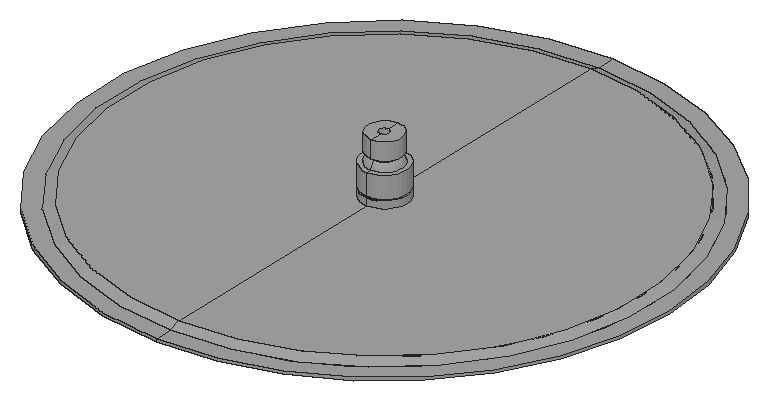
Revit family "BRG-GRF-DCH_ Briggs Reg. Red. Slim Inox Cr 40 cm", category Aparatos sanitarios, Revit 2020 (continued)
Definition of nested family "REJILLA"
  Automatic sketch dimensions
    profile plane to SweptBlend 79 sketch curve = 0.00 m  (x2)
    SweptBlend 79 sketch curve to profile plane = 0.00 m  (x2)
    SweptBlend 80 sketch curve to SweptBlend 80 sketch curve = 0.002986 m
    profile plane to SweptBlend 80 sketch curve = 0.00 m  (x2)
    SweptBlend 80 sketch curve to profile plane = 0.00 m  (x2)
    SweptBlend 81 sketch curve to SweptBlend 81 sketch curve = 0.002986 m
    profile plane to SweptBlend 81 sketch curve = 0.00 m  (x2)
    SweptBlend 81 sketch curve to profile plane = 0.00 m  (x2)
    SweptBlend 82 sketch curve to SweptBlend 82 sketch curve = 0.002986 m
    profile plane to SweptBlend 82 sketch curve = 0.00 m  (x2)
    SweptBlend 82 sketch curve to profile plane = 0.00 m  (x2)
    SweptBlend 83 sketch curve to SweptBlend 83 sketch curve = 0.002986 m
    profile plane to SweptBlend 83 sketch curve = 0.00 m  (x2)
    SweptBlend 83 sketch curve to profile plane = 0.00 m  (x2)
    SweptBlend 84 sketch curve to SweptBlend 84 sketch curve = 0.002986 m
    profile plane to SweptBlend 84 sketch curve = 0.00 m  (x2)
    SweptBlend 84 sketch curve to profile plane = 0.00 m  (x2)
    SweptBlend 85 sketch curve to SweptBlend 85 sketch curve = 0.002986 m
    profile plane to SweptBlend 85 sketch curve = 0.00 m  (x2)
    SweptBlend 85 sketch curve to profile plane = 0.00 m  (x2)
    SweptBlend 86 sketch curve to SweptBlend 86 sketch curve = 0.002986 m
    profile plane to SweptBlend 86 sketch curve = 0.00 m  (x2)
    SweptBlend 86 sketch curve to profile plane = 0.00 m  (x2)
    SweptBlend 87 sketch curve to SweptBlend 87 sketch curve = 0.002986 m
    profile plane to SweptBlend 87 sketch curve = 0.00 m  (x2)
    SweptBlend 87 sketch curve to profile plane = 0.00 m  (x2)
    SweptBlend 88 sketch curve to SweptBlend 88 sketch curve = 0.002986 m
    profile plane to SweptBlend 88 sketch curve = 0.00 m  (x2)
    SweptBlend 88 sketch curve to profile plane = 0.00 m  (x2)
    SweptBlend 89 sketch curve to SweptBlend 89 sketch curve = 0.002986 m
    profile plane to SweptBlend 89 sketch curve = 0.00 m  (x2)
    SweptBlend 89 sketch curve to profile plane = 0.00 m  (x2)
    SweptBlend 90 sketch curve to SweptBlend 90 sketch curve = 0.002986 m
    profile plane to SweptBlend 90 sketch curve = 0.00 m  (x2)
    SweptBlend 90 sketch curve to profile plane = 0.00 m  (x2)
    SweptBlend 91 sketch curve to SweptBlend 91 sketch curve = 0.002986 m
    profile plane to SweptBlend 91 sketch curve = 0.00 m  (x2)
    SweptBlend 91 sketch curve to profile plane = 0.00 m  (x2)
    SweptBlend 92 sketch curve to SweptBlend 92 sketch curve = 0.002986 m
    profile plane to SweptBlend 92 sketch curve = 0.00 m  (x2)
    SweptBlend 92 sketch curve to profile plane = 0.00 m  (x2)
    SweptBlend 93 sketch curve to SweptBlend 93 sketch curve = 0.002986 m
    profile plane to SweptBlend 93 sketch curve = 0.00 m  (x2)
    SweptBlend 93 sketch curve to profile plane = 0.00 m  (x2)
    SweptBlend 94 sketch curve to SweptBlend 94 sketch curve = 0.002986 m
    profile plane to SweptBlend 94 sketch curve = 0.00 m  (x2)
    SweptBlend 94 sketch curve to profile plane = 0.00 m  (x2)
    SweptBlend 95 sketch curve to SweptBlend 95 sketch curve = 0.002986 m
    profile plane to SweptBlend 95 sketch curve = 0.00 m  (x2)
    SweptBlend 95 sketch curve to profile plane = 0.00 m  (x2)
    SweptBlend 96 sketch curve to SweptBlend 96 sketch curve = 0.002986 m
    profile plane to SweptBlend 96 sketch curve = 0.00 m  (x2)
    SweptBlend 96 sketch curve to profile plane = 0.00 m  (x2)
    SweptBlend 97 sketch curve to SweptBlend 97 sketch curve = 0.002986 m
    profile plane to SweptBlend 97 sketch curve = 0.00 m  (x2)
    SweptBlend 97 sketch curve to profile plane = 0.00 m  (x2)
    SweptBlend 98 sketch curve to SweptBlend 98 sketch curve = 0.002986 m
    profile plane to SweptBlend 98 sketch curve = 0.00 m  (x2)
    SweptBlend 98 sketch curve to profile plane = 0.00 m  (x2)
    SweptBlend 99 sketch curve to SweptBlend 99 sketch curve = 0.002986 m
    profile plane to SweptBlend 99 sketch curve = 0.00 m  (x2)
    SweptBlend 99 sketch curve to profile plane = 0.00 m  (x2)
    SweptBlend 100 sketch curve to SweptBlend 100 sketch curve = 0.002986 m
    profile plane to SweptBlend 100 sketch curve = 0.00 m  (x2)
    SweptBlend 100 sketch curve to profile plane = 0.00 m  (x2)
    SweptBlend 101 sketch curve to SweptBlend 101 sketch curve = 0.002986 m
    profile plane to SweptBlend 101 sketch curve = 0.00 m  (x2)
    SweptBlend 101 sketch curve to profile plane = 0.00 m  (x2)
    SweptBlend 102 sketch curve to SweptBlend 102 sketch curve = 0.002986 m
    profile plane to SweptBlend 102 sketch curve = 0.00 m  (x2)
    SweptBlend 102 sketch curve to profile plane = 0.00 m  (x2)
    SweptBlend 103 sketch curve to SweptBlend 103 sketch curve = 0.002986 m
    profile plane to SweptBlend 103 sketch curve = 0.00 m  (x2)
    SweptBlend 103 sketch curve to profile plane = 0.00 m  (x2)
    SweptBlend 104 sketch curve to SweptBlend 104 sketch curve = 0.002986 m
    profile plane to SweptBlend 104 sketch curve = 0.00 m  (x2)
    SweptBlend 104 sketch curve to profile plane = 0.00 m  (x2)
    SweptBlend 105 sketch curve to SweptBlend 105 sketch curve = 0.002986 m
    profile plane to SweptBlend 105 sketch curve = 0.00 m  (x2)
    SweptBlend 105 sketch curve to profile plane = 0.00 m  (x2)
    Revolve 1 sketch curve to plane 1 "Centro (Frontal/Posterior)" = 0.00 m  (x3)
    Revolve 1 sketch curve to level = 0.00 m
    Revolve 1 sketch curve to plane 1 "Centro (Frontal/Posterior)" = 0.0035 m
    Revolve 1 sketch curve to Revolve 1 sketch curve = 0.00575 m
    Revolve 1 sketch curve to Revolve 1 sketch curve = 0.0025 m
    Revolve 1 sketch curve to Revolve 1 sketch curve = 0.00275 m
    Revolve 1 sketch curve to plane 1 "Centro (Frontal/Posterior)" = 0.014314 m
    Revolve 1 sketch curve to Revolve 1 sketch curve = 0.001186 m  (x2)
    Revolve 1 sketch curve to level = 0.04 m
    Revolve 1 sketch curve to Revolve 1 sketch curve = 0.165 m
    Revolve 1 sketch curve to level = 0.0425 m
    Revolve 1 sketch curve to Revolve 1 sketch curve = 0.0075 m
    Revolve 1 sketch curve to Revolve 1 sketch curve = 0.012 m
    Revolve 1 sketch curve to Revolve 1 sketch curve = 0.0045 m
    Revolve 1 sketch curve to Revolve 1 sketch curve = 0.005 m
    Revolve 1 sketch curve to Revolve 1 sketch curve = 0.001 m
    Revolve 1 sketch curve to Revolve 1 sketch curve = 0.0115 m
    Revolve 1 sketch curve to Revolve 1 sketch curve = 0.015 m
    Revolve 1 sketch curve to Revolve 1 sketch curve = 0.002092 m
    Revolve 1 sketch curve to level = 0.005 m
    level to Revolve 1 sketch curve = 0.115 m
    Revolve 1 sketch curve to Revolve 1 sketch curve = 0.05 m
    SweptBlend 2 sketch curve to level = 0.0445 m
    SweptBlend 2 sketch curve to SweptBlend 2 sketch curve = 0.002986 m
    profile plane to SweptBlend 2 sketch curve = 0.00 m  (x2)
    SweptBlend 2 sketch curve to profile plane = 0.00 m  (x2)
    SweptBlend 3 sketch curve to level = 0.0445 m
    SweptBlend 3 sketch curve to SweptBlend 3 sketch curve = 0.002986 m
    profile plane to SweptBlend 3 sketch curve = 0.00 m  (x2)
    SweptBlend 3 sketch curve to profile plane = 0.00 m  (x2)
    SweptBlend 4 sketch curve to level = 0.0445 m
    SweptBlend 4 sketch curve to SweptBlend 4 sketch curve = 0.002986 m
    profile plane to SweptBlend 4 sketch curve = 0.00 m  (x2)
    SweptBlend 4 sketch curve to profile plane = 0.00 m  (x2)
    SweptBlend 5 sketch curve to level = 0.0445 m
    SweptBlend 5 sketch curve to SweptBlend 5 sketch curve = 0.002986 m
    profile plane to SweptBlend 5 sketch curve = 0.00 m  (x2)
    SweptBlend 5 sketch curve to profile plane = 0.00 m  (x2)
    SweptBlend 6 sketch curve to level = 0.0445 m
    SweptBlend 6 sketch curve to SweptBlend 6 sketch curve = 0.002986 m
    profile plane to SweptBlend 6 sketch curve = 0.00 m  (x2)
    SweptBlend 6 sketch curve to profile plane = 0.00 m  (x2)
    SweptBlend 7 sketch curve to level = 0.0445 m
    SweptBlend 7 sketch curve to SweptBlend 7 sketch curve = 0.002986 m
    profile plane to SweptBlend 7 sketch curve = 0.00 m  (x2)
    SweptBlend 7 sketch curve to profile plane = 0.00 m  (x2)
    SweptBlend 8 sketch curve to level = 0.0445 m
    SweptBlend 8 sketch curve to SweptBlend 8 sketch curve = 0.002986 m
    profile plane to SweptBlend 8 sketch curve = 0.00 m  (x2)
    SweptBlend 8 sketch curve to profile plane = 0.00 m  (x2)
    SweptBlend 9 sketch curve to level = 0.0445 m
    SweptBlend 9 sketch curve to SweptBlend 9 sketch curve = 0.002986 m
    profile plane to SweptBlend 9 sketch curve = 0.00 m  (x2)
    SweptBlend 9 sketch curve to profile plane = 0.00 m  (x2)
    SweptBlend 10 sketch curve to level = 0.0445 m
    SweptBlend 10 sketch curve to SweptBlend 10 sketch curve = 0.002986 m
    profile plane to SweptBlend 10 sketch curve = 0.00 m  (x2)
    SweptBlend 10 sketch curve to profile plane = 0.00 m  (x2)
    SweptBlend 11 sketch curve to level = 0.0445 m
    SweptBlend 11 sketch curve to SweptBlend 11 sketch curve = 0.002986 m
    SweptBlend 11 sketch curve to profile plane = 0.00 m  (x4)
    SweptBlend 12 sketch curve to level = 0.0445 m
    SweptBlend 12 sketch curve to SweptBlend 12 sketch curve = 0.002986 m
    SweptBlend 12 sketch curve to profile plane = 0.00 m  (x4)
    SweptBlend 13 sketch curve to level = 0.0445 m
    SweptBlend 13 sketch curve to SweptBlend 13 sketch curve = 0.002986 m
    SweptBlend 13 sketch curve to profile plane = 0.00 m  (x4)
    SweptBlend 14 sketch curve to level = 0.0445 m
    SweptBlend 14 sketch curve to SweptBlend 14 sketch curve = 0.002986 m
    SweptBlend 14 sketch curve to profile plane = 0.00 m  (x4)
    SweptBlend 15 sketch curve to level = 0.0445 m
    SweptBlend 15 sketch curve to SweptBlend 15 sketch curve = 0.002986 m
    SweptBlend 15 sketch curve to profile plane = 0.00 m  (x4)
    SweptBlend 16 sketch curve to level = 0.0445 m
    SweptBlend 16 sketch curve to SweptBlend 16 sketch curve = 0.002986 m
    SweptBlend 16 sketch curve to profile plane = 0.00 m  (x4)
    SweptBlend 17 sketch curve to level = 0.0445 m
    SweptBlend 17 sketch curve to SweptBlend 17 sketch curve = 0.002986 m
    SweptBlend 17 sketch curve to profile plane = 0.00 m  (x4)
    SweptBlend 18 sketch curve to level = 0.0445 m
    SweptBlend 18 sketch curve to SweptBlend 18 sketch curve = 0.002986 m
    SweptBlend 18 sketch curve to profile plane = 0.00 m  (x4)
    SweptBlend 19 sketch curve to level = 0.0445 m
    SweptBlend 19 sketch curve to SweptBlend 19 sketch curve = 0.002986 m
    SweptBlend 19 sketch curve to profile plane = 0.00 m  (x4)
    SweptBlend 20 sketch curve to level = 0.0445 m
    SweptBlend 20 sketch curve to SweptBlend 20 sketch curve = 0.002986 m
    SweptBlend 20 sketch curve to profile plane = 0.00 m  (x2)
    profile plane to SweptBlend 20 sketch curve = 0.00 m  (x2)
    SweptBlend 21 sketch curve to level = 0.0445 m
    SweptBlend 21 sketch curve to SweptBlend 21 sketch curve = 0.002986 m
    SweptBlend 21 sketch curve to profile plane = 0.00 m  (x2)
    profile plane to SweptBlend 21 sketch curve = 0.00 m  (x2)
    SweptBlend 22 sketch curve to level = 0.0445 m
    SweptBlend 22 sketch curve to SweptBlend 22 sketch curve = 0.002986 m
    SweptBlend 22 sketch curve to profile plane = 0.00 m  (x2)
    profile plane to SweptBlend 22 sketch curve = 0.00 m  (x2)
    SweptBlend 23 sketch curve to level = 0.0445 m
    SweptBlend 23 sketch curve to SweptBlend 23 sketch curve = 0.002986 m
    SweptBlend 23 sketch curve to profile plane = 0.00 m  (x2)
    profile plane to SweptBlend 23 sketch curve = 0.00 m  (x2)
    SweptBlend 24 sketch curve to level = 0.0445 m
    SweptBlend 24 sketch curve to SweptBlend 24 sketch curve = 0.002986 m
    SweptBlend 24 sketch curve to profile plane = 0.00 m  (x2)
    profile plane to SweptBlend 24 sketch curve = 0.00 m  (x2)
    SweptBlend 25 sketch curve to level = 0.0445 m
    SweptBlend 25 sketch curve to SweptBlend 25 sketch curve = 0.002986 m
    SweptBlend 25 sketch curve to profile plane = 0.00 m  (x2)
    profile plane to SweptBlend 25 sketch curve = 0.00 m  (x2)
    SweptBlend 26 sketch curve to level = 0.0445 m
    SweptBlend 26 sketch curve to SweptBlend 26 sketch curve = 0.002986 m
    SweptBlend 26 sketch curve to profile plane = 0.00 m  (x2)
    profile plane to SweptBlend 26 sketch curve = 0.00 m  (x2)
    SweptBlend 27 sketch curve to level = 0.0445 m
    SweptBlend 27 sketch curve to SweptBlend 27 sketch curve = 0.002986 m
    SweptBlend 27 sketch curve to profile plane = 0.00 m  (x2)
    profile plane to SweptBlend 27 sketch curve = 0.00 m  (x2)
    SweptBlend 28 sketch curve to level = 0.0445 m
    SweptBlend 28 sketch curve to SweptBlend 28 sketch curve = 0.002986 m
    SweptBlend 28 sketch curve to profile plane = 0.00 m  (x2)
    profile plane to SweptBlend 28 sketch curve = 0.00 m  (x2)
    SweptBlend 29 sketch curve to level = 0.0445 m
    SweptBlend 29 sketch curve to SweptBlend 29 sketch curve = 0.002986 m
    profile plane to SweptBlend 29 sketch curve = 0.00 m  (x4)
    SweptBlend 30 sketch curve to level = 0.0445 m
    SweptBlend 30 sketch curve to SweptBlend 30 sketch curve = 0.002986 m
    profile plane to SweptBlend 30 sketch curve = 0.00 m  (x4)
    SweptBlend 31 sketch curve to level = 0.0445 m
    SweptBlend 31 sketch curve to SweptBlend 31 sketch curve = 0.002986 m
    profile plane to SweptBlend 31 sketch curve = 0.00 m  (x4)
    SweptBlend 32 sketch curve to level = 0.0445 m
    SweptBlend 32 sketch curve to SweptBlend 32 sketch curve = 0.002986 m
    profile plane to SweptBlend 32 sketch curve = 0.00 m  (x4)
    SweptBlend 33 sketch curve to level = 0.0445 m
    SweptBlend 33 sketch curve to SweptBlend 33 sketch curve = 0.002986 m
    profile plane to SweptBlend 33 sketch curve = 0.00 m  (x4)
    SweptBlend 34 sketch curve to level = 0.0445 m
    SweptBlend 34 sketch curve to SweptBlend 34 sketch curve = 0.002986 m
    profile plane to SweptBlend 34 sketch curve = 0.00 m  (x4)
    SweptBlend 35 sketch curve to level = 0.0445 m
    SweptBlend 35 sketch curve to SweptBlend 35 sketch curve = 0.002986 m
    profile plane to SweptBlend 35 sketch curve = 0.00 m  (x4)
    SweptBlend 36 sketch curve to level = 0.0445 m
    SweptBlend 36 sketch curve to SweptBlend 36 sketch curve = 0.002986 m
    profile plane to SweptBlend 36 sketch curve = 0.00 m  (x4)
    SweptBlend 37 sketch curve to level = 0.0445 m
    SweptBlend 37 sketch curve to SweptBlend 37 sketch curve = 0.002986 m
    profile plane to SweptBlend 37 sketch curve = 0.00 m  (x4)
    SweptBlend 38 sketch curve to level = 0.0445 m
    SweptBlend 38 sketch curve to SweptBlend 38 sketch curve = 0.002986 m
    profile plane to SweptBlend 38 sketch curve = 0.00 m  (x2)
    SweptBlend 38 sketch curve to profile plane = 0.00 m  (x2)
    SweptBlend 39 sketch curve to level = 0.0445 m
    SweptBlend 39 sketch curve to SweptBlend 39 sketch curve = 0.002986 m
    profile plane to SweptBlend 39 sketch curve = 0.00 m  (x2)
    SweptBlend 39 sketch curve to profile plane = 0.00 m  (x2)
    SweptBlend 40 sketch curve to level = 0.0445 m
    SweptBlend 40 sketch curve to SweptBlend 40 sketch curve = 0.002986 m
    profile plane to SweptBlend 40 sketch curve = 0.00 m  (x2)
    SweptBlend 40 sketch curve to profile plane = 0.00 m  (x2)
    SweptBlend 41 sketch curve to level = 0.0445 m
    SweptBlend 41 sketch curve to SweptBlend 41 sketch curve = 0.002986 m
    profile plane to SweptBlend 41 sketch curve = 0.00 m  (x2)
    SweptBlend 41 sketch curve to profile plane = 0.00 m  (x2)
    SweptBlend 42 sketch curve to level = 0.0445 m
    SweptBlend 42 sketch curve to SweptBlend 42 sketch curve = 0.002986 m
    profile plane to SweptBlend 42 sketch curve = 0.00 m  (x2)
    SweptBlend 42 sketch curve to profile plane = 0.00 m  (x2)
    SweptBlend 43 sketch curve to level = 0.0445 m
    SweptBlend 43 sketch curve to SweptBlend 43 sketch curve = 0.002986 m
    profile plane to SweptBlend 43 sketch curve = 0.00 m  (x2)
    SweptBlend 43 sketch curve to profile plane = 0.00 m  (x2)
    SweptBlend 44 sketch curve to level = 0.0445 m
    SweptBlend 44 sketch curve to SweptBlend 44 sketch curve = 0.002986 m
    profile plane to SweptBlend 44 sketch curve = 0.00 m  (x2)
    SweptBlend 44 sketch curve to profile plane = 0.00 m  (x2)
    SweptBlend 45 sketch curve to level = 0.0445 m
    SweptBlend 45 sketch curve to SweptBlend 45 sketch curve = 0.002986 m
    SweptBlend 45 sketch curve to profile plane = 0.00 m  (x4)
    SweptBlend 46 sketch curve to level = 0.0445 m
    SweptBlend 46 sketch curve to SweptBlend 46 sketch curve = 0.002986 m
    SweptBlend 46 sketch curve to profile plane = 0.00 m  (x4)
    SweptBlend 47 sketch curve to level = 0.0445 m
    SweptBlend 47 sketch curve to SweptBlend 47 sketch curve = 0.002986 m
    SweptBlend 47 sketch curve to profile plane = 0.00 m  (x4)
    SweptBlend 48 sketch curve to level = 0.0445 m
    SweptBlend 48 sketch curve to SweptBlend 48 sketch curve = 0.002986 m
    SweptBlend 48 sketch curve to profile plane = 0.00 m  (x4)
    SweptBlend 49 sketch curve to level = 0.0445 m
    SweptBlend 49 sketch curve to SweptBlend 49 sketch curve = 0.002986 m
    SweptBlend 49 sketch curve to profile plane = 0.00 m  (x4)
    SweptBlend 50 sketch curve to level = 0.0445 m
    SweptBlend 50 sketch curve to SweptBlend 50 sketch curve = 0.002986 m
    SweptBlend 50 sketch curve to profile plane = 0.00 m  (x4)
    SweptBlend 51 sketch curve to level = 0.0445 m
    SweptBlend 51 sketch curve to SweptBlend 51 sketch curve = 0.002986 m
    SweptBlend 51 sketch curve to profile plane = 0.00 m  (x2)
    profile plane to SweptBlend 51 sketch curve = 0.00 m  (x2)
    SweptBlend 52 sketch curve to level = 0.0445 m
    SweptBlend 52 sketch curve to SweptBlend 52 sketch curve = 0.002986 m
    SweptBlend 52 sketch curve to profile plane = 0.00 m  (x2)
    profile plane to SweptBlend 52 sketch curve = 0.00 m  (x2)
    SweptBlend 53 sketch curve to level = 0.0445 m
    SweptBlend 53 sketch curve to SweptBlend 53 sketch curve = 0.002986 m
    SweptBlend 53 sketch curve to profile plane = 0.00 m  (x2)
    profile plane to SweptBlend 53 sketch curve = 0.00 m  (x2)
    SweptBlend 54 sketch curve to level = 0.0445 m
    SweptBlend 54 sketch curve to SweptBlend 54 sketch curve = 0.002986 m
    SweptBlend 54 sketch curve to profile plane = 0.00 m  (x2)
    profile plane to SweptBlend 54 sketch curve = 0.00 m  (x2)
    SweptBlend 55 sketch curve to level = 0.0445 m
    SweptBlend 55 sketch curve to SweptBlend 55 sketch curve = 0.002986 m
    SweptBlend 55 sketch curve to profile plane = 0.00 m  (x2)
    profile plane to SweptBlend 55 sketch curve = 0.00 m  (x2)
    SweptBlend 56 sketch curve to level = 0.0445 m
    SweptBlend 56 sketch curve to SweptBlend 56 sketch curve = 0.002986 m
    SweptBlend 56 sketch curve to profile plane = 0.00 m  (x2)
    profile plane to SweptBlend 56 sketch curve = 0.00 m  (x2)
    SweptBlend 57 sketch curve to level = 0.0445 m
    SweptBlend 57 sketch curve to SweptBlend 57 sketch curve = 0.002986 m
    profile plane to SweptBlend 57 sketch curve = 0.00 m  (x4)
    SweptBlend 58 sketch curve to level = 0.0445 m
    SweptBlend 58 sketch curve to SweptBlend 58 sketch curve = 0.002986 m
    profile plane to SweptBlend 58 sketch curve = 0.00 m  (x4)
    SweptBlend 59 sketch curve to level = 0.0445 m
    SweptBlend 59 sketch curve to SweptBlend 59 sketch curve = 0.002986 m
    profile plane to SweptBlend 59 sketch curve = 0.00 m  (x4)
    SweptBlend 60 sketch curve to level = 0.0445 m
    SweptBlend 60 sketch curve to SweptBlend 60 sketch curve = 0.002986 m
    profile plane to SweptBlend 60 sketch curve = 0.00 m  (x4)
    SweptBlend 61 sketch curve to level = 0.0445 m
    SweptBlend 61 sketch curve to SweptBlend 61 sketch curve = 0.002986 m
    profile plane to SweptBlend 61 sketch curve = 0.00 m  (x4)
    SweptBlend 62 sketch curve to level = 0.0445 m
    SweptBlend 62 sketch curve to SweptBlend 62 sketch curve = 0.002986 m
    profile plane to SweptBlend 62 sketch curve = 0.00 m  (x4)
    SweptBlend 63 sketch curve to level = 0.0445 m
    SweptBlend 63 sketch curve to SweptBlend 63 sketch curve = 0.002986 m
    profile plane to SweptBlend 63 sketch curve = 0.00 m  (x4)
    SweptBlend 64 sketch curve to level = 0.0445 m
    SweptBlend 64 sketch curve to SweptBlend 64 sketch curve = 0.002986 m
    profile plane to SweptBlend 64 sketch curve = 0.00 m  (x2)
    SweptBlend 64 sketch curve to profile plane = 0.00 m  (x2)
    SweptBlend 65 sketch curve to level = 0.0445 m
    SweptBlend 65 sketch curve to SweptBlend 65 sketch curve = 0.002986 m
    profile plane to SweptBlend 65 sketch curve = 0.00 m  (x2)
    SweptBlend 65 sketch curve to profile plane = 0.00 m  (x2)
    SweptBlend 66 sketch curve to level = 0.0445 m
    SweptBlend 66 sketch curve to SweptBlend 66 sketch curve = 0.002986 m
    SweptBlend 66 sketch curve to profile plane = 0.00 m  (x4)
    SweptBlend 67 sketch curve to level = 0.0445 m
    SweptBlend 67 sketch curve to SweptBlend 67 sketch curve = 0.002986 m
    SweptBlend 67 sketch curve to profile plane = 0.00 m  (x4)
    SweptBlend 68 sketch curve to level = 0.0445 m
    SweptBlend 68 sketch curve to SweptBlend 68 sketch curve = 0.002986 m
    SweptBlend 68 sketch curve to profile plane = 0.00 m  (x4)
    SweptBlend 69 sketch curve to level = 0.0445 m
    SweptBlend 69 sketch curve to SweptBlend 69 sketch curve = 0.002986 m
    SweptBlend 69 sketch curve to profile plane = 0.00 m  (x2)
    profile plane to SweptBlend 69 sketch curve = 0.00 m  (x2)
    SweptBlend 70 sketch curve to level = 0.0445 m
    SweptBlend 70 sketch curve to SweptBlend 70 sketch curve = 0.002986 m
    SweptBlend 70 sketch curve to profile plane = 0.00 m  (x2)
    profile plane to SweptBlend 70 sketch curve = 0.00 m  (x2)
    SweptBlend 71 sketch curve to level = 0.0445 m
    SweptBlend 71 sketch curve to SweptBlend 71 sketch curve = 0.002986 m
    SweptBlend 71 sketch curve to profile plane = 0.00 m  (x2)
    profile plane to SweptBlend 71 sketch curve = 0.00 m  (x2)
    SweptBlend 72 sketch curve to level = 0.0445 m
    SweptBlend 72 sketch curve to SweptBlend 72 sketch curve = 0.002986 m
    profile plane to SweptBlend 72 sketch curve = 0.00 m  (x4)
    SweptBlend 73 sketch curve to level = 0.0445 m
    SweptBlend 73 sketch curve to SweptBlend 73 sketch curve = 0.002986 m
    profile plane to SweptBlend 73 sketch curve = 0.00 m  (x4)
    SweptBlend 75 sketch curve to level = 0.0445 m
    SweptBlend 75 sketch curve to SweptBlend 75 sketch curve = 0.002986 m
    profile plane to SweptBlend 75 sketch curve = 0.00 m  (x2)
    SweptBlend 75 sketch curve to profile plane = 0.00 m  (x2)
    SweptBlend 76 sketch curve to level = 0.0445 m
    SweptBlend 76 sketch curve to SweptBlend 76 sketch curve = 0.002986 m
    profile plane to SweptBlend 76 sketch curve = 0.00 m  (x2)
    SweptBlend 76 sketch curve to profile plane = 0.00 m  (x2)
    SweptBlend 106 sketch curve to level = 0.0445 m
    SweptBlend 106 sketch curve to SweptBlend 106 sketch curve = 0.002986 m
    profile plane to SweptBlend 106 sketch curve = 0.00 m  (x2)
    SweptBlend 106 sketch curve to profile plane = 0.00 m  (x2)
    SweptBlend 107 sketch curve to level = 0.0445 m
    SweptBlend 107 sketch curve to SweptBlend 107 sketch curve = 0.002986 m
    profile plane to SweptBlend 107 sketch curve = 0.00 m  (x4)
    SweptBlend 108 sketch curve to level = 0.0445 m
    SweptBlend 108 sketch curve to SweptBlend 108 sketch curve = 0.002986 m
    profile plane to SweptBlend 108 sketch curve = 0.00 m  (x4)
    SweptBlend 109 sketch curve to level = 0.0445 m
    SweptBlend 109 sketch curve to SweptBlend 109 sketch curve = 0.002986 m
    profile plane to SweptBlend 109 sketch curve = 0.00 m  (x4)
    SweptBlend 110 sketch curve to level = 0.0445 m
    SweptBlend 110 sketch curve to SweptBlend 110 sketch curve = 0.002986 m
    profile plane to SweptBlend 110 sketch curve = 0.00 m  (x4)
    SweptBlend 111 sketch curve to level = 0.0445 m
    SweptBlend 111 sketch curve to SweptBlend 111 sketch curve = 0.002986 m
    profile plane to SweptBlend 111 sketch curve = 0.00 m  (x4)
    SweptBlend 112 sketch curve to level = 0.0445 m
    SweptBlend 112 sketch curve to SweptBlend 112 sketch curve = 0.002986 m
    SweptBlend 112 sketch curve to profile plane = 0.00 m  (x2)
    profile plane to SweptBlend 112 sketch curve = 0.00 m  (x2)
    SweptBlend 113 sketch curve to level = 0.0445 m
    SweptBlend 113 sketch curve to SweptBlend 113 sketch curve = 0.002986 m
    SweptBlend 113 sketch curve to profile plane = 0.00 m  (x2)
    profile plane to SweptBlend 113 sketch curve = 0.00 m  (x2)
    SweptBlend 114 sketch curve to level = 0.0445 m
    SweptBlend 114 sketch curve to SweptBlend 114 sketch curve = 0.002986 m
    SweptBlend 114 sketch curve to profile plane = 0.00 m  (x2)
    profile plane to SweptBlend 114 sketch curve = 0.00 m  (x2)
    SweptBlend 115 sketch curve to level = 0.0445 m
    SweptBlend 115 sketch curve to SweptBlend 115 sketch curve = 0.002986 m
    SweptBlend 115 sketch curve to profile plane = 0.00 m  (x2)
    profile plane to SweptBlend 115 sketch curve = 0.00 m  (x2)
    SweptBlend 116 sketch curve to level = 0.0445 m
    SweptBlend 116 sketch curve to SweptBlend 116 sketch curve = 0.002986 m
    SweptBlend 116 sketch curve to profile plane = 0.00 m  (x4)
    SweptBlend 117 sketch curve to level = 0.0445 m
    SweptBlend 117 sketch curve to SweptBlend 117 sketch curve = 0.002986 m
    SweptBlend 117 sketch curve to profile plane = 0.00 m  (x4)
    SweptBlend 118 sketch curve to level = 0.0445 m
    SweptBlend 118 sketch curve to SweptBlend 118 sketch curve = 0.002986 m
    SweptBlend 118 sketch curve to profile plane = 0.00 m  (x4)
    SweptBlend 119 sketch curve to level = 0.0445 m
    SweptBlend 119 sketch curve to SweptBlend 119 sketch curve = 0.002986 m
    SweptBlend 119 sketch curve to profile plane = 0.00 m  (x4)
    SweptBlend 120 sketch curve to level = 0.0445 m
    SweptBlend 120 sketch curve to SweptBlend 120 sketch curve = 0.002986 m
    SweptBlend 120 sketch curve to profile plane = 0.00 m  (x4)
    SweptBlend 121 sketch curve to level = 0.0445 m
    SweptBlend 121 sketch curve to SweptBlend 121 sketch curve = 0.002986 m
    profile plane to SweptBlend 121 sketch curve = 0.00 m  (x2)
    SweptBlend 121 sketch curve to profile plane = 0.00 m  (x2)
    SweptBlend 122 sketch curve to level = 0.0445 m
    SweptBlend 122 sketch curve to SweptBlend 122 sketch curve = 0.002986 m
    profile plane to SweptBlend 122 sketch curve = 0.00 m  (x2)
    SweptBlend 122 sketch curve to profile plane = 0.00 m  (x2)
    SweptBlend 123 sketch curve to level = 0.0445 m
    SweptBlend 123 sketch curve to SweptBlend 123 sketch curve = 0.002986 m
    profile plane to SweptBlend 123 sketch curve = 0.00 m  (x2)
    SweptBlend 123 sketch curve to profile plane = 0.00 m  (x2)
    SweptBlend 124 sketch curve to level = 0.0445 m
    SweptBlend 124 sketch curve to SweptBlend 124 sketch curve = 0.002986 m
    profile plane to SweptBlend 124 sketch curve = 0.00 m  (x4)
    SweptBlend 125 sketch curve to level = 0.0445 m
    SweptBlend 125 sketch curve to SweptBlend 125 sketch curve = 0.002986 m
    SweptBlend 125 sketch curve to profile plane = 0.00 m  (x2)
    profile plane to SweptBlend 125 sketch curve = 0.00 m  (x2)
    SweptBlend 126 sketch curve to level = 0.0445 m
    SweptBlend 126 sketch curve to SweptBlend 126 sketch curve = 0.002986 m
    SweptBlend 126 sketch curve to profile plane = 0.00 m  (x2)
    profile plane to SweptBlend 126 sketch curve = 0.00 m  (x2)
    SweptBlend 127 sketch curve to level = 0.0445 m
    SweptBlend 127 sketch curve to SweptBlend 127 sketch curve = 0.002986 m
    SweptBlend 127 sketch curve to profile plane = 0.00 m  (x4)
    SweptBlend 128 sketch curve to SweptBlend 128 sketch curve = 0.002986 m
    profile plane to SweptBlend 128 sketch curve = 0.00 m  (x2)
    SweptBlend 128 sketch curve to profile plane = 0.00 m  (x2)
    SweptBlend 129 sketch curve to SweptBlend 129 sketch curve = 0.002986 m
    profile plane to SweptBlend 129 sketch curve = 0.00 m  (x2)
    SweptBlend 129 sketch curve to profile plane = 0.00 m  (x2)
    SweptBlend 130 sketch curve to SweptBlend 130 sketch curve = 0.002986 m
    profile plane to SweptBlend 130 sketch curve = 0.00 m  (x2)
    SweptBlend 130 sketch curve to profile plane = 0.00 m  (x2)
    SweptBlend 131 sketch curve to SweptBlend 131 sketch curve = 0.002986 m
    profile plane to SweptBlend 131 sketch curve = 0.00 m  (x2)
    SweptBlend 131 sketch curve to profile plane = 0.00 m  (x2)
    SweptBlend 132 sketch curve to SweptBlend 132 sketch curve = 0.002986 m
    profile plane to SweptBlend 132 sketch curve = 0.00 m  (x2)
    SweptBlend 132 sketch curve to profile plane = 0.00 m  (x2)
    SweptBlend 133 sketch curve to SweptBlend 133 sketch curve = 0.002986 m
    profile plane to SweptBlend 133 sketch curve = 0.00 m  (x2)
    SweptBlend 133 sketch curve to profile plane = 0.00 m  (x2)
    SweptBlend 134 sketch curve to SweptBlend 134 sketch curve = 0.002986 m
    profile plane to SweptBlend 134 sketch curve = 0.00 m  (x2)
    SweptBlend 134 sketch curve to profile plane = 0.00 m  (x2)
    SweptBlend 135 sketch curve to SweptBlend 135 sketch curve = 0.002986 m
    profile plane to SweptBlend 135 sketch curve = 0.00 m  (x2)
    SweptBlend 135 sketch curve to profile plane = 0.00 m  (x2)
    SweptBlend 136 sketch curve to SweptBlend 136 sketch curve = 0.002986 m
    profile plane to SweptBlend 136 sketch curve = 0.00 m  (x2)
    SweptBlend 136 sketch curve to profile plane = 0.00 m  (x2)
    SweptBlend 137 sketch curve to SweptBlend 137 sketch curve = 0.002986 m
    profile plane to SweptBlend 137 sketch curve = 0.00 m  (x2)
    SweptBlend 137 sketch curve to profile plane = 0.00 m  (x2)
    SweptBlend 138 sketch curve to SweptBlend 138 sketch curve = 0.002986 m
    profile plane to SweptBlend 138 sketch curve = 0.00 m  (x2)
    SweptBlend 138 sketch curve to profile plane = 0.00 m  (x2)
    SweptBlend 139 sketch curve to SweptBlend 139 sketch curve = 0.002986 m
    profile plane to SweptBlend 139 sketch curve = 0.00 m  (x2)
    SweptBlend 139 sketch curve to profile plane = 0.00 m  (x2)
    SweptBlend 140 sketch curve to SweptBlend 140 sketch curve = 0.002986 m
    profile plane to SweptBlend 140 sketch curve = 0.00 m  (x2)
    SweptBlend 140 sketch curve to profile plane = 0.00 m  (x2)
    SweptBlend 141 sketch curve to SweptBlend 141 sketch curve = 0.002986 m
    profile plane to SweptBlend 141 sketch curve = 0.00 m  (x2)
    SweptBlend 141 sketch curve to profile plane = 0.00 m  (x2)
    SweptBlend 142 sketch curve to SweptBlend 142 sketch curve = 0.002986 m
    profile plane to SweptBlend 142 sketch curve = 0.00 m  (x2)
    SweptBlend 142 sketch curve to profile plane = 0.00 m  (x2)
    SweptBlend 143 sketch curve to SweptBlend 143 sketch curve = 0.002986 m
    profile plane to SweptBlend 143 sketch curve = 0.00 m  (x2)
    SweptBlend 143 sketch curve to profile plane = 0.00 m  (x2)
    SweptBlend 144 sketch curve to SweptBlend 144 sketch curve = 0.002986 m
    profile plane to SweptBlend 144 sketch curve = 0.00 m  (x2)
    SweptBlend 144 sketch curve to profile plane = 0.00 m  (x2)
    SweptBlend 145 sketch curve to SweptBlend 145 sketch curve = 0.002986 m
    profile plane to SweptBlend 145 sketch curve = 0.00 m  (x2)
    SweptBlend 145 sketch curve to profile plane = 0.00 m  (x2)
    SweptBlend 146 sketch curve to SweptBlend 146 sketch curve = 0.002986 m
    profile plane to SweptBlend 146 sketch curve = 0.00 m  (x2)
    SweptBlend 146 sketch curve to profile plane = 0.00 m  (x2)
    SweptBlend 147 sketch curve to SweptBlend 147 sketch curve = 0.002986 m
    profile plane to SweptBlend 147 sketch curve = 0.00 m  (x2)
    SweptBlend 147 sketch curve to profile plane = 0.00 m  (x2)
    SweptBlend 148 sketch curve to SweptBlend 148 sketch curve = 0.002986 m
    profile plane to SweptBlend 148 sketch curve = 0.00 m  (x2)
    SweptBlend 148 sketch curve to profile plane = 0.00 m  (x2)
    SweptBlend 149 sketch curve to SweptBlend 149 sketch curve = 0.002986 m
    profile plane to SweptBlend 149 sketch curve = 0.00 m  (x2)
    SweptBlend 149 sketch curve to profile plane = 0.00 m  (x2)
    SweptBlend 150 sketch curve to SweptBlend 150 sketch curve = 0.002986 m
    profile plane to SweptBlend 150 sketch curve = 0.00 m  (x2)
    SweptBlend 150 sketch curve to profile plane = 0.00 m  (x2)
    SweptBlend 151 sketch curve to SweptBlend 151 sketch curve = 0.002986 m
    profile plane to SweptBlend 151 sketch curve = 0.00 m  (x2)
    SweptBlend 151 sketch curve to profile plane = 0.00 m  (x2)
    SweptBlend 152 sketch curve to SweptBlend 152 sketch curve = 0.002986 m
    profile plane to SweptBlend 152 sketch curve = 0.00 m  (x2)
    SweptBlend 152 sketch curve to profile plane = 0.00 m  (x2)
    SweptBlend 153 sketch curve to SweptBlend 153 sketch curve = 0.002986 m
    profile plane to SweptBlend 153 sketch curve = 0.00 m  (x2)
    SweptBlend 153 sketch curve to profile plane = 0.00 m  (x2)
    SweptBlend 154 sketch curve to SweptBlend 154 sketch curve = 0.002986 m
    profile plane to SweptBlend 154 sketch curve = 0.00 m  (x2)
    SweptBlend 154 sketch curve to profile plane = 0.00 m  (x2)
    SweptBlend 155 sketch curve to SweptBlend 155 sketch curve = 0.002986 m
    profile plane to SweptBlend 155 sketch curve = 0.00 m  (x2)
    SweptBlend 155 sketch curve to profile plane = 0.00 m  (x2)
    SweptBlend 156 sketch curve to SweptBlend 156 sketch curve = 0.002986 m
    profile plane to SweptBlend 156 sketch curve = 0.00 m  (x2)
    SweptBlend 156 sketch curve to profile plane = 0.00 m  (x2)
    SweptBlend 157 sketch curve to SweptBlend 157 sketch curve = 0.002986 m
    profile plane to SweptBlend 157 sketch curve = 0.00 m  (x2)
    SweptBlend 157 sketch curve to profile plane = 0.00 m  (x2)
    SweptBlend 158 sketch curve to SweptBlend 158 sketch curve = 0.002986 m
    profile plane to SweptBlend 158 sketch curve = 0.00 m  (x2)
    SweptBlend 158 sketch curve to profile plane = 0.00 m  (x2)
    SweptBlend 159 sketch curve to SweptBlend 159 sketch curve = 0.002986 m
    profile plane to SweptBlend 159 sketch curve = 0.00 m  (x2)
    SweptBlend 159 sketch curve to profile plane = 0.00 m  (x2)
    SweptBlend 160 sketch curve to SweptBlend 160 sketch curve = 0.002986 m
    profile plane to SweptBlend 160 sketch curve = 0.00 m  (x2)
    SweptBlend 160 sketch curve to profile plane = 0.00 m  (x2)
    SweptBlend 161 sketch curve to SweptBlend 161 sketch curve = 0.002986 m
    profile plane to SweptBlend 161 sketch curve = 0.00 m  (x2)
    SweptBlend 161 sketch curve to profile plane = 0.00 m  (x2)
    SweptBlend 162 sketch curve to SweptBlend 162 sketch curve = 0.002986 m
    profile plane to SweptBlend 162 sketch curve = 0.00 m  (x2)
    SweptBlend 162 sketch curve to profile plane = 0.00 m  (x2)
    SweptBlend 163 sketch curve to SweptBlend 163 sketch curve = 0.002986 m
    profile plane to SweptBlend 163 sketch curve = 0.00 m  (x2)
    SweptBlend 163 sketch curve to profile plane = 0.00 m  (x2)
    SweptBlend 164 sketch curve to SweptBlend 164 sketch curve = 0.002986 m
    profile plane to SweptBlend 164 sketch curve = 0.00 m  (x2)
    SweptBlend 164 sketch curve to profile plane = 0.00 m  (x2)
    SweptBlend 165 sketch curve to SweptBlend 165 sketch curve = 0.002986 m
    profile plane to SweptBlend 165 sketch curve = 0.00 m  (x2)
    SweptBlend 165 sketch curve to profile plane = 0.00 m  (x2)
    SweptBlend 166 sketch curve to SweptBlend 166 sketch curve = 0.002986 m
    profile plane to SweptBlend 166 sketch curve = 0.00 m  (x2)
    SweptBlend 166 sketch curve to profile plane = 0.00 m  (x2)
    SweptBlend 167 sketch curve to SweptBlend 167 sketch curve = 0.002986 m
    profile plane to SweptBlend 167 sketch curve = 0.00 m  (x2)
    SweptBlend 167 sketch curve to profile plane = 0.00 m  (x2)
    SweptBlend 168 sketch curve to SweptBlend 168 sketch curve = 0.002986 m
    profile plane to SweptBlend 168 sketch curve = 0.00 m  (x2)
    SweptBlend 168 sketch curve to profile plane = 0.00 m  (x2)
    SweptBlend 169 sketch curve to SweptBlend 169 sketch curve = 0.002986 m
    profile plane to SweptBlend 169 sketch curve = 0.00 m  (x2)
    SweptBlend 169 sketch curve to profile plane = 0.00 m  (x2)
    SweptBlend 170 sketch curve to SweptBlend 170 sketch curve = 0.002986 m
    profile plane to SweptBlend 170 sketch curve = 0.00 m  (x2)
    SweptBlend 170 sketch curve to profile plane = 0.00 m  (x2)
    SweptBlend 171 sketch curve to SweptBlend 171 sketch curve = 0.002986 m
    profile plane to SweptBlend 171 sketch curve = 0.00 m  (x2)
    SweptBlend 171 sketch curve to profile plane = 0.00 m  (x2)
    SweptBlend 172 sketch curve to SweptBlend 172 sketch curve = 0.002986 m
    profile plane to SweptBlend 172 sketch curve = 0.00 m  (x2)
    SweptBlend 172 sketch curve to profile plane = 0.00 m  (x2)
    SweptBlend 173 sketch curve to SweptBlend 173 sketch curve = 0.002986 m
    profile plane to SweptBlend 173 sketch curve = 0.00 m  (x2)
    SweptBlend 173 sketch curve to profile plane = 0.00 m  (x2)
    SweptBlend 174 sketch curve to SweptBlend 174 sketch curve = 0.002986 m
    profile plane to SweptBlend 174 sketch curve = 0.00 m  (x2)
    SweptBlend 174 sketch curve to profile plane = 0.00 m  (x2)
    SweptBlend 175 sketch curve to SweptBlend 175 sketch curve = 0.002986 m
    profile plane to SweptBlend 175 sketch curve = 0.00 m  (x2)
    SweptBlend 175 sketch curve to profile plane = 0.00 m  (x2)
    SweptBlend 176 sketch curve to SweptBlend 176 sketch curve = 0.002986 m
    profile plane to SweptBlend 176 sketch curve = 0.00 m  (x2)
    SweptBlend 176 sketch curve to profile plane = 0.00 m  (x2)
    SweptBlend 177 sketch curve to SweptBlend 177 sketch curve = 0.002986 m
    profile plane to SweptBlend 177 sketch curve = 0.00 m  (x2)
    SweptBlend 177 sketch curve to profile plane = 0.00 m  (x2)
    SweptBlend 178 sketch curve to SweptBlend 178 sketch curve = 0.002986 m
    profile plane to SweptBlend 178 sketch curve = 0.00 m  (x2)
    SweptBlend 178 sketch curve to profile plane = 0.00 m  (x2)
    SweptBlend 179 sketch curve to SweptBlend 179 sketch curve = 0.002986 m
    profile plane to SweptBlend 179 sketch curve = 0.00 m  (x2)
    SweptBlend 179 sketch curve to profile plane = 0.00 m  (x2)
    SweptBlend 180 sketch curve to SweptBlend 180 sketch curve = 0.002986 m
    profile plane to SweptBlend 180 sketch curve = 0.00 m  (x2)
    SweptBlend 180 sketch curve to profile plane = 0.00 m  (x2)
    SweptBlend 181 sketch curve to SweptBlend 181 sketch curve = 0.002986 m
    profile plane to SweptBlend 181 sketch curve = 0.00 m  (x2)
    SweptBlend 181 sketch curve to profile plane = 0.00 m  (x2)
    SweptBlend 182 sketch curve to SweptBlend 182 sketch curve = 0.002986 m
    profile plane to SweptBlend 182 sketch curve = 0.00 m  (x2)
    SweptBlend 182 sketch curve to profile plane = 0.00 m  (x2)
    SweptBlend 183 sketch curve to SweptBlend 183 sketch curve = 0.002986 m
    profile plane to SweptBlend 183 sketch curve = 0.00 m  (x2)
    SweptBlend 183 sketch curve to profile plane = 0.00 m  (x2)
    SweptBlend 184 sketch curve to SweptBlend 184 sketch curve = 0.002986 m
    profile plane to SweptBlend 184 sketch curve = 0.00 m  (x2)
    SweptBlend 184 sketch curve to profile plane = 0.00 m  (x2)
    SweptBlend 185 sketch curve to SweptBlend 185 sketch curve = 0.002986 m
    profile plane to SweptBlend 185 sketch curve = 0.00 m  (x2)
    SweptBlend 185 sketch curve to profile plane = 0.00 m  (x2)
    SweptBlend 186 sketch curve to SweptBlend 186 sketch curve = 0.002986 m
    profile plane to SweptBlend 186 sketch curve = 0.00 m  (x2)
    SweptBlend 186 sketch curve to profile plane = 0.00 m  (x2)
    SweptBlend 187 sketch curve to SweptBlend 187 sketch curve = 0.002986 m
    profile plane to SweptBlend 187 sketch curve = 0.00 m  (x2)
    SweptBlend 187 sketch curve to profile plane = 0.00 m  (x2)
    SweptBlend 188 sketch curve to SweptBlend 188 sketch curve = 0.002986 m
    profile plane to SweptBlend 188 sketch curve = 0.00 m  (x2)
    SweptBlend 188 sketch curve to profile plane = 0.00 m  (x2)
    SweptBlend 189 sketch curve to SweptBlend 189 sketch curve = 0.002986 m
    profile plane to SweptBlend 189 sketch curve = 0.00 m  (x2)
    SweptBlend 189 sketch curve to profile plane = 0.00 m  (x2)
    SweptBlend 190 sketch curve to SweptBlend 190 sketch curve = 0.002986 m
    profile plane to SweptBlend 190 sketch curve = 0.00 m  (x2)
    SweptBlend 190 sketch curve to profile plane = 0.00 m  (x2)
    SweptBlend 191 sketch curve to SweptBlend 191 sketch curve = 0.002986 m
    profile plane to SweptBlend 191 sketch curve = 0.00 m  (x2)
    SweptBlend 191 sketch curve to profile plane = 0.00 m  (x2)
    SweptBlend 192 sketch curve to SweptBlend 192 sketch curve = 0.002986 m
    profile plane to SweptBlend 192 sketch curve = 0.00 m  (x2)
    SweptBlend 192 sketch curve to profile plane = 0.00 m  (x2)
    SweptBlend 193 sketch curve to SweptBlend 193 sketch curve = 0.002986 m
    profile plane to SweptBlend 193 sketch curve = 0.00 m  (x2)
    SweptBlend 193 sketch curve to profile plane = 0.00 m  (x2)
    SweptBlend 194 sketch curve to SweptBlend 194 sketch curve = 0.002986 m
    profile plane to SweptBlend 194 sketch curve = 0.00 m  (x2)
    SweptBlend 194 sketch curve to profile plane = 0.00 m  (x2)
    SweptBlend 195 sketch curve to SweptBlend 195 sketch curve = 0.002986 m
    profile plane to SweptBlend 195 sketch curve = 0.00 m  (x2)
    SweptBlend 195 sketch curve to profile plane = 0.00 m  (x2)
    SweptBlend 196 sketch curve to SweptBlend 196 sketch curve = 0.002986 m
    profile plane to SweptBlend 196 sketch curve = 0.00 m  (x2)
    SweptBlend 196 sketch curve to profile plane = 0.00 m  (x2)
    SweptBlend 197 sketch curve to SweptBlend 197 sketch curve = 0.002986 m
    profile plane to SweptBlend 197 sketch curve = 0.00 m  (x2)
    SweptBlend 197 sketch curve to profile plane = 0.00 m  (x2)
    SweptBlend 198 sketch curve to SweptBlend 198 sketch curve = 0.002986 m
    profile plane to SweptBlend 198 sketch curve = 0.00 m  (x2)
    SweptBlend 198 sketch curve to profile plane = 0.00 m  (x2)
    SweptBlend 199 sketch curve to SweptBlend 199 sketch curve = 0.002986 m
    profile plane to SweptBlend 199 sketch curve = 0.00 m  (x2)
    SweptBlend 199 sketch curve to profile plane = 0.00 m  (x2)
    SweptBlend 200 sketch curve to SweptBlend 200 sketch curve = 0.002986 m
    profile plane to SweptBlend 200 sketch curve = 0.00 m  (x2)
    SweptBlend 200 sketch curve to profile plane = 0.00 m  (x2)
    SweptBlend 201 sketch curve to SweptBlend 201 sketch curve = 0.002986 m
    profile plane to SweptBlend 201 sketch curve = 0.00 m  (x2)
    SweptBlend 201 sketch curve to profile plane = 0.00 m  (x2)
    SweptBlend 202 sketch curve to SweptBlend 202 sketch curve = 0.002986 m
    profile plane to SweptBlend 202 sketch curve = 0.00 m  (x2)
    SweptBlend 202 sketch curve to profile plane = 0.00 m  (x2)
    SweptBlend 203 sketch curve to SweptBlend 203 sketch curve = 0.002986 m
    profile plane to SweptBlend 203 sketch curve = 0.00 m  (x2)
    SweptBlend 203 sketch curve to profile plane = 0.00 m  (x2)
    SweptBlend 204 sketch curve to SweptBlend 204 sketch curve = 0.002986 m
    profile plane to SweptBlend 204 sketch curve = 0.00 m  (x2)
    SweptBlend 204 sketch curve to profile plane = 0.00 m  (x2)
    SweptBlend 205 sketch curve to SweptBlend 205 sketch curve = 0.002986 m
    profile plane to SweptBlend 205 sketch curve = 0.00 m  (x2)
    SweptBlend 205 sketch curve to profile plane = 0.00 m  (x2)
    SweptBlend 206 sketch curve to SweptBlend 206 sketch curve = 0.002986 m
    profile plane to SweptBlend 206 sketch curve = 0.00 m  (x2)
    SweptBlend 206 sketch curve to profile plane = 0.00 m  (x2)
    SweptBlend 207 sketch curve to SweptBlend 207 sketch curve = 0.002986 m
    profile plane to SweptBlend 207 sketch curve = 0.00 m  (x2)
    SweptBlend 207 sketch curve to profile plane = 0.00 m  (x2)
    SweptBlend 208 sketch curve to SweptBlend 208 sketch curve = 0.002986 m
    profile plane to SweptBlend 208 sketch curve = 0.00 m  (x2)
    SweptBlend 208 sketch curve to profile plane = 0.00 m  (x2)
    SweptBlend 209 sketch curve to SweptBlend 209 sketch curve = 0.002986 m
    profile plane to SweptBlend 209 sketch curve = 0.00 m  (x2)
    SweptBlend 209 sketch curve to profile plane = 0.00 m  (x2)
    SweptBlend 210 sketch curve to SweptBlend 210 sketch curve = 0.002986 m
    profile plane to SweptBlend 210 sketch curve = 0.00 m  (x2)
    SweptBlend 210 sketch curve to profile plane = 0.00 m  (x2)
    SweptBlend 211 sketch curve to SweptBlend 211 sketch curve = 0.002986 m
    profile plane to SweptBlend 211 sketch curve = 0.00 m  (x2)
    SweptBlend 211 sketch curve to profile plane = 0.00 m  (x2)
    SweptBlend 212 sketch curve to SweptBlend 212 sketch curve = 0.002986 m
    profile plane to SweptBlend 212 sketch curve = 0.00 m  (x2)
    SweptBlend 212 sketch curve to profile plane = 0.00 m  (x2)
    SweptBlend 213 sketch curve to SweptBlend 213 sketch curve = 0.002986 m
    profile plane to SweptBlend 213 sketch curve = 0.00 m  (x2)
    SweptBlend 213 sketch curve to profile plane = 0.00 m  (x2)
    SweptBlend 214 sketch curve to SweptBlend 214 sketch curve = 0.002986 m
    profile plane to SweptBlend 214 sketch curve = 0.00 m  (x2)
    SweptBlend 214 sketch curve to profile plane = 0.00 m  (x2)
    SweptBlend 215 sketch curve to SweptBlend 215 sketch curve = 0.002986 m
    profile plane to SweptBlend 215 sketch curve = 0.00 m  (x2)
    SweptBlend 215 sketch curve to profile plane = 0.00 m  (x2)
    SweptBlend 216 sketch curve to SweptBlend 216 sketch curve = 0.002986 m
    profile plane to SweptBlend 216 sketch curve = 0.00 m  (x2)
    SweptBlend 216 sketch curve to profile plane = 0.00 m  (x2)
    SweptBlend 217 sketch curve to SweptBlend 217 sketch curve = 0.002986 m
    profile plane to SweptBlend 217 sketch curve = 0.00 m  (x2)
    SweptBlend 217 sketch curve to profile plane = 0.00 m  (x2)
    SweptBlend 218 sketch curve to SweptBlend 218 sketch curve = 0.002986 m
    profile plane to SweptBlend 218 sketch curve = 0.00 m  (x2)
    SweptBlend 218 sketch curve to profile plane = 0.00 m  (x2)
    SweptBlend 219 sketch curve to SweptBlend 219 sketch curve = 0.002986 m
    profile plane to SweptBlend 219 sketch curve = 0.00 m  (x2)
    SweptBlend 219 sketch curve to profile plane = 0.00 m  (x2)
    SweptBlend 220 sketch curve to SweptBlend 220 sketch curve = 0.002986 m
    profile plane to SweptBlend 220 sketch curve = 0.00 m  (x2)
    SweptBlend 220 sketch curve to profile plane = 0.00 m  (x2)
    SweptBlend 221 sketch curve to SweptBlend 221 sketch curve = 0.002986 m
    profile plane to SweptBlend 221 sketch curve = 0.00 m  (x2)
    SweptBlend 221 sketch curve to profile plane = 0.00 m  (x2)
    SweptBlend 222 sketch curve to SweptBlend 222 sketch curve = 0.002986 m
    profile plane to SweptBlend 222 sketch curve = 0.00 m  (x2)
    SweptBlend 222 sketch curve to profile plane = 0.00 m  (x2)
    SweptBlend 223 sketch curve to SweptBlend 223 sketch curve = 0.002986 m
    profile plane to SweptBlend 223 sketch curve = 0.00 m  (x2)
    SweptBlend 223 sketch curve to profile plane = 0.00 m  (x2)
    SweptBlend 224 sketch curve to SweptBlend 224 sketch curve = 0.002986 m
    profile plane to SweptBlend 224 sketch curve = 0.00 m  (x2)
    SweptBlend 224 sketch curve to profile plane = 0.00 m  (x2)
    SweptBlend 225 sketch curve to SweptBlend 225 sketch curve = 0.002986 m
    profile plane to SweptBlend 225 sketch curve = 0.00 m  (x2)
    SweptBlend 225 sketch curve to profile plane = 0.00 m  (x2)
    SweptBlend 226 sketch curve to SweptBlend 226 sketch curve = 0.002986 m
    profile plane to SweptBlend 226 sketch curve = 0.00 m  (x2)
    SweptBlend 226 sketch curve to profile plane = 0.00 m  (x2)
    SweptBlend 227 sketch curve to SweptBlend 227 sketch curve = 0.002986 m
    profile plane to SweptBlend 227 sketch curve = 0.00 m  (x2)
    SweptBlend 227 sketch curve to profile plane = 0.00 m  (x2)
    SweptBlend 228 sketch curve to SweptBlend 228 sketch curve = 0.002986 m
    profile plane to SweptBlend 228 sketch curve = 0.00 m  (x2)
    SweptBlend 228 sketch curve to profile plane = 0.00 m  (x2)
    SweptBlend 229 sketch curve to SweptBlend 229 sketch curve = 0.002986 m
    profile plane to SweptBlend 229 sketch curve = 0.00 m  (x2)
    SweptBlend 229 sketch curve to profile plane = 0.00 m  (x2)
    SweptBlend 230 sketch curve to SweptBlend 230 sketch curve = 0.002986 m
    profile plane to SweptBlend 230 sketch curve = 0.00 m  (x2)
    SweptBlend 230 sketch curve to profile plane = 0.00 m  (x2)
    SweptBlend 128 sketch curve to level = 0.0445 m
    SweptBlend 130 sketch curve to level = 0.0445 m
    SweptBlend 131 sketch curve to level = 0.0445 m
    SweptBlend 132 sketch curve to level = 0.0445 m
    SweptBlend 133 sketch curve to level = 0.0445 m
    SweptBlend 134 sketch curve to level = 0.0445 m
    SweptBlend 135 sketch curve to level = 0.0445 m
    SweptBlend 136 sketch curve to level = 0.0445 m
    SweptBlend 137 sketch curve to level = 0.0445 m
    SweptBlend 138 sketch curve to level = 0.0445 m
    SweptBlend 139 sketch curve to level = 0.0445 m
    plane 3 "Centro (Izquierda/Derecha)" to SweptBlend 139 sketch curve = 0.147414 m
    SweptBlend 140 sketch curve to level = 0.0445 m
    SweptBlend 141 sketch curve to level = 0.0445 m
    SweptBlend 142 sketch curve to level = 0.0445 m
    SweptBlend 143 sketch curve to level = 0.0445 m
    SweptBlend 144 sketch curve to level = 0.0445 m
    SweptBlend 145 sketch curve to level = 0.0445 m
    SweptBlend 146 sketch curve to level = 0.0445 m
    SweptBlend 147 sketch curve to level = 0.0445 m
    SweptBlend 148 sketch curve to level = 0.0445 m
    SweptBlend 149 sketch curve to level = 0.0445 m
    SweptBlend 150 sketch curve to level = 0.0445 m
    SweptBlend 151 sketch curve to level = 0.0445 m
    SweptBlend 152 sketch curve to level = 0.0445 m
    SweptBlend 153 sketch curve to level = 0.0445 m
    SweptBlend 154 sketch curve to level = 0.0445 m
    SweptBlend 155 sketch curve to level = 0.0445 m
    SweptBlend 156 sketch curve to level = 0.0445 m
    SweptBlend 157 sketch curve to level = 0.0445 m
    SweptBlend 158 sketch curve to level = 0.0445 m
    SweptBlend 159 sketch curve to level = 0.0445 m
    SweptBlend 160 sketch curve to level = 0.0445 m
    SweptBlend 161 sketch curve to level = 0.0445 m
    SweptBlend 162 sketch curve to level = 0.0445 m
    SweptBlend 163 sketch curve to level = 0.0445 m
    SweptBlend 164 sketch curve to level = 0.0445 m
    SweptBlend 165 sketch curve to level = 0.0445 m
    SweptBlend 166 sketch curve to level = 0.0445 m
    SweptBlend 167 sketch curve to level = 0.0445 m
    SweptBlend 168 sketch curve to level = 0.0445 m
    SweptBlend 169 sketch curve to level = 0.0445 m
    SweptBlend 170 sketch curve to level = 0.0445 m
    SweptBlend 171 sketch curve to level = 0.0445 m
    SweptBlend 172 sketch curve to level = 0.0445 m
    SweptBlend 173 sketch curve to level = 0.0445 m
    SweptBlend 129 sketch curve to level = 0.0445 m
    SweptBlend 174 sketch curve to level = 0.0445 m
    SweptBlend 175 sketch curve to level = 0.0445 m
    SweptBlend 176 sketch curve to level = 0.0445 m
    SweptBlend 177 sketch curve to level = 0.0445 m
    SweptBlend 178 sketch curve to level = 0.0445 m
    SweptBlend 179 sketch curve to level = 0.0445 m
    SweptBlend 180 sketch curve to level = 0.0445 m
    SweptBlend 181 sketch curve to level = 0.0445 m
    SweptBlend 182 sketch curve to level = 0.0445 m
    SweptBlend 183 sketch curve to level = 0.0445 m
    SweptBlend 184 sketch curve to level = 0.0445 m
    SweptBlend 185 sketch curve to level = 0.0445 m
    SweptBlend 186 sketch curve to level = 0.0445 m
    SweptBlend 187 sketch curve to level = 0.0445 m
    SweptBlend 188 sketch curve to level = 0.0445 m
    SweptBlend 189 sketch curve to level = 0.0445 m
    SweptBlend 190 sketch curve to level = 0.0445 m
    SweptBlend 191 sketch curve to level = 0.0445 m
    SweptBlend 192 sketch curve to level = 0.0445 m
    SweptBlend 193 sketch curve to level = 0.0445 m
    SweptBlend 194 sketch curve to level = 0.0445 m
    SweptBlend 195 sketch curve to level = 0.0445 m
    SweptBlend 196 sketch curve to level = 0.0445 m
    SweptBlend 197 sketch curve to level = 0.0445 m
    SweptBlend 198 sketch curve to level = 0.0445 m
    SweptBlend 199 sketch curve to level = 0.0445 m
    SweptBlend 200 sketch curve to level = 0.0445 m
    SweptBlend 201 sketch curve to level = 0.0445 m
    SweptBlend 202 sketch curve to level = 0.0445 m
    SweptBlend 203 sketch curve to level = 0.0445 m
    SweptBlend 204 sketch curve to level = 0.0445 m
    SweptBlend 205 sketch curve to level = 0.0445 m
    SweptBlend 206 sketch curve to level = 0.0445 m
    SweptBlend 207 sketch curve to level = 0.0445 m
    SweptBlend 208 sketch curve to level = 0.0445 m
    SweptBlend 209 sketch curve to level = 0.0445 m
    SweptBlend 210 sketch curve to level = 0.0445 m
    SweptBlend 211 sketch curve to level = 0.0445 m
    SweptBlend 212 sketch curve to level = 0.0445 m
    SweptBlend 213 sketch curve to level = 0.0445 m
    SweptBlend 214 sketch curve to level = 0.0445 m
    SweptBlend 215 sketch curve to level = 0.0445 m
    SweptBlend 216 sketch curve to level = 0.0445 m
    SweptBlend 217 sketch curve to level = 0.0445 m
    SweptBlend 218 sketch curve to level = 0.0445 m
    SweptBlend 219 sketch curve to level = 0.0445 m
    SweptBlend 220 sketch curve to level = 0.0445 m
    SweptBlend 221 sketch curve to level = 0.0445 m
    SweptBlend 222 sketch curve to level = 0.0445 m
    SweptBlend 223 sketch curve to level = 0.0445 m
    SweptBlend 224 sketch curve to level = 0.0445 m
    SweptBlend 225 sketch curve to level = 0.0445 m
    SweptBlend 226 sketch curve to level = 0.0445 m
    SweptBlend 227 sketch curve to level = 0.0445 m
    SweptBlend 228 sketch curve to level = 0.0445 m
    SweptBlend 229 sketch curve to level = 0.0445 m
    SweptBlend 230 sketch curve to level = 0.0445 m
    SweptBlend 74 sketch curve to level = 0.0445 m
    SweptBlend 77 sketch curve to level = 0.0445 m
    SweptBlend 78 sketch curve to level = 0.0445 m
    SweptBlend 79 sketch curve to level = 0.0445 m
    SweptBlend 80 sketch curve to level = 0.0445 m
    SweptBlend 81 sketch curve to level = 0.0445 m
    SweptBlend 82 sketch curve to level = 0.0445 m
    SweptBlend 83 sketch curve to level = 0.0445 m
    plane 3 "Centro (Izquierda/Derecha)" to SweptBlend 83 sketch curve = 0.102705 m
    SweptBlend 84 sketch curve to level = 0.0445 m
    SweptBlend 85 sketch curve to level = 0.0445 m
    SweptBlend 86 sketch curve to level = 0.0445 m
    SweptBlend 87 sketch curve to level = 0.0445 m
    SweptBlend 88 sketch curve to level = 0.0445 m
    SweptBlend 89 sketch curve to level = 0.0445 m
    SweptBlend 90 sketch curve to level = 0.0445 m
    SweptBlend 91 sketch curve to level = 0.0445 m
    SweptBlend 92 sketch curve to level = 0.0445 m
    SweptBlend 93 sketch curve to level = 0.0445 m
    SweptBlend 94 sketch curve to level = 0.0445 m
    SweptBlend 95 sketch curve to level = 0.0445 m
    SweptBlend 96 sketch curve to level = 0.0445 m
    SweptBlend 97 sketch curve to level = 0.0445 m
    SweptBlend 98 sketch curve to level = 0.0445 m
    SweptBlend 98 sketch curve to plane 3 "Centro (Izquierda/Derecha)" = 0.102705 m
    SweptBlend 99 sketch curve to level = 0.0445 m
    SweptBlend 100 sketch curve to level = 0.0445 m
    SweptBlend 101 sketch curve to level = 0.0445 m
    SweptBlend 102 sketch curve to level = 0.0445 m
    SweptBlend 103 sketch curve to level = 0.0445 m
    SweptBlend 104 sketch curve to level = 0.0445 m
    SweptBlend 105 sketch curve to level = 0.0445 m
    radius of SweptBlend 74 sketch curve = 0.0015 m
    radius of SweptBlend 74 sketch curve = 0.0025 m
    radius of SweptBlend 77 sketch curve = 0.0015 m
    radius of SweptBlend 77 sketch curve = 0.0025 m
    radius of SweptBlend 78 sketch curve = 0.0015 m
    radius of SweptBlend 78 sketch curve = 0.0025 m
    radius of SweptBlend 79 sketch curve = 0.0015 m
    radius of SweptBlend 79 sketch curve = 0.0025 m
    radius of SweptBlend 80 sketch curve = 0.0015 m
    radius of SweptBlend 80 sketch curve = 0.0025 m
    radius of SweptBlend 81 sketch curve = 0.0015 m
    radius of SweptBlend 81 sketch curve = 0.0025 m
    radius of SweptBlend 82 sketch curve = 0.0015 m
    radius of SweptBlend 82 sketch curve = 0.0025 m
    radius of SweptBlend 83 sketch curve = 0.0015 m
    radius of SweptBlend 83 sketch curve = 0.0025 m
    radius of SweptBlend 84 sketch curve = 0.0015 m
    radius of SweptBlend 84 sketch curve = 0.0025 m
    radius of SweptBlend 85 sketch curve = 0.0015 m
    radius of SweptBlend 85 sketch curve = 0.0025 m
    radius of SweptBlend 86 sketch curve = 0.0015 m
    radius of SweptBlend 86 sketch curve = 0.0025 m
    radius of SweptBlend 87 sketch curve = 0.0015 m
    radius of SweptBlend 87 sketch curve = 0.0025 m
    radius of SweptBlend 88 sketch curve = 0.0015 m
    radius of SweptBlend 88 sketch curve = 0.0025 m
    radius of SweptBlend 89 sketch curve = 0.0015 m
    radius of SweptBlend 89 sketch curve = 0.0025 m
    radius of SweptBlend 90 sketch curve = 0.0015 m
    radius of SweptBlend 90 sketch curve = 0.0025 m
    radius of SweptBlend 91 sketch curve = 0.0015 m
    radius of SweptBlend 91 sketch curve = 0.0025 m
    radius of SweptBlend 92 sketch curve = 0.0015 m
    radius of SweptBlend 92 sketch curve = 0.0025 m
    radius of SweptBlend 93 sketch curve = 0.0015 m
    radius of SweptBlend 93 sketch curve = 0.0025 m
    radius of SweptBlend 94 sketch curve = 0.0015 m
    radius of SweptBlend 94 sketch curve = 0.0025 m
    radius of SweptBlend 95 sketch curve = 0.0015 m
    radius of SweptBlend 95 sketch curve = 0.0025 m
    radius of SweptBlend 96 sketch curve = 0.0015 m
    radius of SweptBlend 96 sketch curve = 0.0025 m
    radius of SweptBlend 97 sketch curve = 0.0015 m
    radius of SweptBlend 97 sketch curve = 0.0025 m
    radius of SweptBlend 98 sketch curve = 0.0015 m
    radius of SweptBlend 98 sketch curve = 0.0025 m
    radius of SweptBlend 99 sketch curve = 0.0015 m
    radius of SweptBlend 99 sketch curve = 0.0025 m
    radius of SweptBlend 100 sketch curve = 0.0015 m
    radius of SweptBlend 100 sketch curve = 0.0025 m
    radius of SweptBlend 101 sketch curve = 0.0015 m
    radius of SweptBlend 101 sketch curve = 0.0025 m
    radius of SweptBlend 102 sketch curve = 0.0015 m
    radius of SweptBlend 102 sketch curve = 0.0025 m
    radius of SweptBlend 103 sketch curve = 0.0015 m
    radius of SweptBlend 103 sketch curve = 0.0025 m
    radius of SweptBlend 104 sketch curve = 0.0015 m
    radius of SweptBlend 104 sketch curve = 0.0025 m
